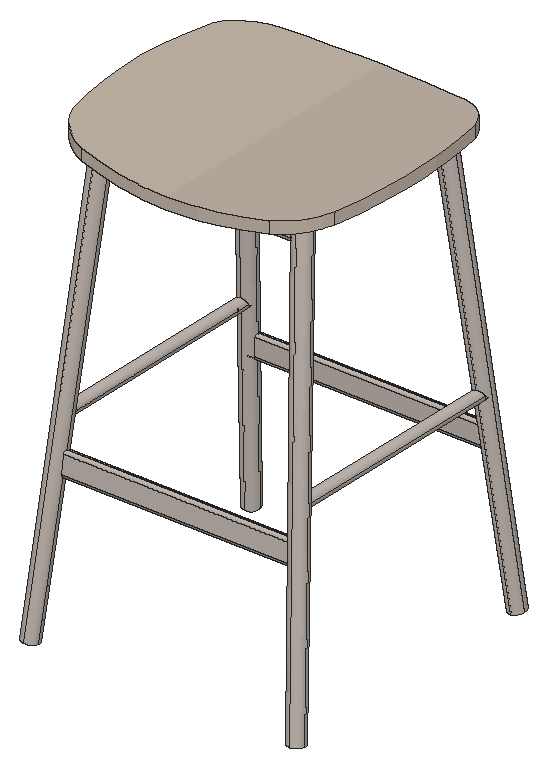
Revit family "FU_Stool_Sandler_Viki 4-16", category Furniture, Revit 2020
Family settings
  OmniClass Number = 23.40.20.00
  OmniClass Title = General Furniture and Specialties
  Work Plane-Based = No
  Always vertical = Yes
  Cut with Voids When Loaded = No
  Shared = No
  Room Calculation Point = No
Parameters (values of type "Viki 4.16")
  Width = 490 mm
  URL = "https://www.sandlerseating.com/product/viki-4-16/"
  Seat [instance] = Fabric - Gravity - Wheat CPC21
  Model = "Viki 4.16"
  Manufacturer = "Sandler"
  Height = 770 mm
  Frame [instance] = Wood - Lacquer - Beige NCS 3005-Y50R
  Description = "Counter stool with upholstered seat on a solid beech frame with stretchers. Produced to custom height per customer specification, from 23.5”-29” seat height"
  Depth = 500 mm
  Default Elevation = 0 mm
Reference planes
  plane 1 "Center (Front/Back)": y = 0
  plane 2: z = 0
  plane 3 "Center (Left/Right)": x = 0
  plane 4 "Right": x = -245
  plane 5 "Left": x = 245
  plane 6 "Back": y = 250
  plane 7 "Front": y = -250
  plane 8 "Height": z = 770
  plane 9 "Seat height": z = 750
  plane 10 "Front Legs RIGHT": through (4267.2, -234.41, 5) normal (0, -0.9937, 0.1121)
  plane 11 "Back Legs RIGHT": through (4267.2, 234.377, 5.537) normal (0, -0.9937, -0.1121)
  plane 12 "Cross Stretch RIGHT": z = 339.982
  plane 13 "Top Stretch RIGHT": z = 717.341
  plane 14 "Front Stretch RIGHT": z = 269.66
  plane 15 "Right Leg RIGHT": through (-226.609, -1524, 3.167) normal (-0.9972, 0, 0.0742)
Forms (mm)
  SweptBlend 1, solid, material "Wood - Lacquer - Beige NCS 3005-Y50R" <- "Frame"
    path origin (0, -232.021, 26.176) x (0, -0.112106, -0.993696) y (1, 0, 0)
      loop
        line (26.325, -226.713) -> (-721.583, -170.738)
    profile "Pro_Circles : 28mm" origin (-226.713, -234.972, 0.017) x (-0.997211, 0.008367, 0.074163) y (0, -0.993696, 0.112106)
      loop
        arc (-13.967, 0.067) -> (-9.943, -9.849) -> (-0.067, -13.967) r 13.901
        arc (-0.067, -13.967) -> (9.896, -9.896) -> (13.967, 0.067) r 13.901
        arc (13.967, 0.067) -> (9.849, 9.943) -> (-0.067, 13.967) r 13.9
        arc (-0.067, 13.967) -> (-9.895, 9.895) -> (-13.967, 0.067) r 13.9
    end profile "Pro_Circles : 32mm" origin (-170.738, -151.127, 743.211) x (-0.997211, 0.008367, 0.074163) y (0, -0.993696, 0.112106)
      loop
        arc (-15.967, 0.067) -> (-11.357, -11.263) -> (-0.067, -15.967) r 15.901
        arc (-0.067, -15.967) -> (11.311, -11.31) -> (15.967, 0.067) r 15.901
        arc (15.967, 0.067) -> (11.263, 11.357) -> (-0.067, 15.967) r 15.9
        arc (-0.067, 15.967) -> (-11.31, 11.31) -> (-15.967, 0.067) r 15.9
  SweptBlend 2, solid, material "Wood - Lacquer - Beige NCS 3005-Y50R" <- "Frame"
    path origin (0, -232.021, 26.176) x (0, -0.112106, -0.993696) y (-1, 0, 0)
      loop
        line (26.325, -226.713) -> (-721.583, -170.738)
    profile "Pro_Circles : 28mm" origin (226.713, -234.972, 0.017) x (-0.997211, -0.008367, -0.074163) y (0, -0.993696, 0.112106)
      loop
        arc (13.967, 0.067) -> (9.895, 9.895) -> (0.067, 13.967) r 13.9
        arc (0.067, 13.967) -> (-9.849, 9.943) -> (-13.967, 0.067) r 13.9
        arc (-13.967, 0.067) -> (-9.896, -9.896) -> (0.067, -13.967) r 13.901
        arc (0.067, -13.967) -> (9.943, -9.849) -> (13.967, 0.067) r 13.901
    end profile "Pro_Circles : 32mm" origin (170.738, -151.127, 743.211) x (-0.997211, -0.008367, -0.074163) y (0, -0.993696, 0.112106)
      loop
        arc (15.967, 0.067) -> (11.31, 11.31) -> (0.067, 15.967) r 15.9
        arc (0.067, 15.967) -> (-11.263, 11.357) -> (-15.967, 0.067) r 15.9
        arc (-15.967, 0.067) -> (-11.311, -11.31) -> (0.067, -15.967) r 15.901
        arc (0.067, -15.967) -> (11.357, -11.263) -> (15.967, 0.067) r 15.901
  SweptBlend 3, solid, material "Wood - Lacquer - Beige NCS 3005-Y50R" <- "Frame"
    path origin (0, 232.021, 26.176) x (0, 0.112106, -0.993696) y (-1, 0, 0)
      loop
        line (26.325, 226.713) -> (-721.583, 170.738)
    profile "Pro_Circles : 28mm" origin (-226.713, 234.972, 0.017) x (0.997211, 0.008367, -0.074163) y (0, 0.993696, 0.112106)
      loop
        arc (13.967, 0.067) -> (9.895, 9.895) -> (0.067, 13.967) r 13.9
        arc (0.067, 13.967) -> (-9.849, 9.943) -> (-13.967, 0.067) r 13.9
        arc (-13.967, 0.067) -> (-9.896, -9.896) -> (0.067, -13.967) r 13.901
        arc (0.067, -13.967) -> (9.943, -9.849) -> (13.967, 0.067) r 13.901
    end profile "Pro_Circles : 32mm" origin (-170.738, 151.127, 743.211) x (0.997211, 0.008367, -0.074163) y (0, 0.993696, 0.112106)
      loop
        arc (15.967, 0.067) -> (11.31, 11.31) -> (0.067, 15.967) r 15.9
        arc (0.067, 15.967) -> (-11.263, 11.357) -> (-15.967, 0.067) r 15.9
        arc (-15.967, 0.067) -> (-11.311, -11.31) -> (0.067, -15.967) r 15.901
        arc (0.067, -15.967) -> (11.357, -11.263) -> (15.967, 0.067) r 15.901
  SweptBlend 4, solid, material "Wood - Lacquer - Beige NCS 3005-Y50R" <- "Frame"
    path origin (0, 232.021, 26.176) x (0, 0.112106, -0.993696) y (-1, 0, 0)
      loop
        line (26.325, -226.713) -> (-721.583, -170.738)
    profile "Pro_Circles : 28mm" origin (226.713, 234.972, 0.017) x (0.997211, -0.008367, 0.074163) y (0, 0.993696, 0.112106)
      loop
        arc (-13.967, 0.067) -> (-9.943, -9.849) -> (-0.067, -13.967) r 13.901
        arc (-0.067, -13.967) -> (9.896, -9.896) -> (13.967, 0.067) r 13.901
        arc (13.967, 0.067) -> (9.849, 9.943) -> (-0.067, 13.967) r 13.9
        arc (-0.067, 13.967) -> (-9.895, 9.895) -> (-13.967, 0.067) r 13.9
    end profile "Pro_Circles : 32mm" origin (170.738, 151.127, 743.211) x (0.997211, -0.008367, 0.074163) y (0, 0.993696, 0.112106)
      loop
        arc (-15.967, 0.067) -> (-11.357, -11.263) -> (-0.067, -15.967) r 15.901
        arc (-0.067, -15.967) -> (11.311, -11.31) -> (15.967, 0.067) r 15.901
        arc (15.967, 0.067) -> (11.263, 11.357) -> (-0.067, 15.967) r 15.9
        arc (-0.067, 15.967) -> (-11.31, 11.31) -> (-15.967, 0.067) r 15.9
  Sweep 5, solid, material "Wood - Lacquer - Beige NCS 3005-Y50R" <- "Frame"
    path origin (0, -232.021, 26.176) x (0, -0.112106, -0.993696) y (1, 0, 0)
      loop
        line (-246.431, -206.233) -> (-246.431, 206.233)
    profile origin (0, -204.395, 271.053) x (0, 0.112106, 0.993696) y (0, -0.993696, 0.112106)
      loop
        arc (-17.326, 5.093) -> (-20.818, 3.399) -> (-22.046, -0.283) r 5
        line (-22.046, -0.283) -> (-21.891, -2.309)
        arc (-21.891, -2.309) -> (-20.205, -5.683) -> (-16.641, -6.92) r 5
        line (-16.641, -6.92) -> (14.601, -5.263)
        arc (14.601, -5.263) -> (18.104, -3.557) -> (19.319, 0.145) r 5
        line (19.319, 0.145) -> (19.151, 2.17)
        arc (19.151, 2.17) -> (17.455, 5.524) -> (13.903, 6.749) r 5
        line (13.903, 6.749) -> (-17.326, 5.093)
  Sweep 6, solid, material "Wood - Lacquer - Beige NCS 3005-Y50R" <- "Frame"
    path origin (0, 232.021, 26.176) x (0, 0.112106, -0.993696) y (-1, 0, 0)
      loop
        line (-246.431, 206.233) -> (-246.431, -206.233)
    profile origin (0, 204.395, 271.053) x (0, 0.112106, -0.993696) y (0, 0.993696, 0.112106)
      loop
        line (17.326, 5.093) -> (-13.903, 6.749)
        arc (-13.903, 6.749) -> (-17.455, 5.524) -> (-19.151, 2.17) r 5
        line (-19.151, 2.17) -> (-19.319, 0.145)
        arc (-19.319, 0.145) -> (-18.104, -3.557) -> (-14.601, -5.263) r 5
        line (-14.601, -5.263) -> (16.641, -6.92)
        arc (16.641, -6.92) -> (20.205, -5.683) -> (21.891, -2.309) r 5
        line (21.891, -2.309) -> (22.046, -0.283)
        arc (22.046, -0.283) -> (20.818, 3.399) -> (17.326, 5.093) r 5
  Extrusion 7, solid, material "Wood - Lacquer - Beige NCS 3005-Y50R" <- "Frame"
    sketch origin (0, 0, 0) x (1, 0, 0) y (0, 0, 1)
      loop
        circle (-201.56, 339.982) r 10
    from -196.541 to 196.025
  Extrusion 8, solid, material "Wood - Lacquer - Beige NCS 3005-Y50R" <- "Frame"
    sketch origin (0, 0, 0) x (-1, 0, 0) y (0, 0, -1)
      loop
        circle (-201.56, -339.982) r 10
    from -196.541 to 196.025
  Sweep 9, solid, material "Wood - Lacquer - Beige NCS 3005-Y50R" <- "Frame"
    path origin (0, 0, 717.341) x (0, -1, 0) y (1, 0, 0)
      loop
        line (-155.682, -175) -> (-155.682, 175)
    profile "Pro_Circles : 15mm" origin (0, 155.682, 717.341) x (0, 1, 0) y (0, 0, 1)
      loop
        arc (-7.467, 0.067) -> (-5.347, -5.252) -> (-0.067, -7.467) r 7.401
        arc (-0.067, -7.467) -> (5.3, -5.301) -> (7.467, 0.067) r 7.402
        arc (7.467, 0.067) -> (5.252, 5.347) -> (-0.067, 7.467) r 7.401
        arc (-0.067, 7.467) -> (-5.299, 5.299) -> (-7.467, 0.067) r 7.4
  Sweep 10, solid, material "Wood - Lacquer - Beige NCS 3005-Y50R" <- "Frame"
    path origin (0, 0, 717.341) x (0, 1, 0) y (1, 0, 0)
      loop
        line (-155.682, -175) -> (-155.682, 175)
    profile "Pro_Circles : 15mm" origin (0, -155.682, 717.341) x (0, 1, 0) y (0, 0, 1)
      loop
        arc (7.467, 0.067) -> (5.299, 5.299) -> (0.067, 7.467) r 7.4
        arc (0.067, 7.467) -> (-5.252, 5.347) -> (-7.467, 0.067) r 7.401
        arc (-7.467, 0.067) -> (-5.3, -5.301) -> (0.067, -7.467) r 7.402
        arc (0.067, -7.467) -> (5.347, -5.252) -> (7.467, 0.067) r 7.401
  Sweep 11, solid, material "Wood - Lacquer - Beige NCS 3005-Y50R" <- "Frame"
    path origin (0, 0, 717.341) x (0, -1, 0) y (1, 0, 0)
      loop
        line (155.615, 129.567) -> (-155.615, 129.567)
    profile "Pro_Circles : 15mm" origin (129.567, 0, 717.341) x (-1, 0, 0) y (0, 0, 1)
      loop
        arc (-7.467, 0.067) -> (-5.347, -5.252) -> (-0.067, -7.467) r 7.401
        arc (-0.067, -7.467) -> (5.3, -5.301) -> (7.467, 0.067) r 7.402
        arc (7.467, 0.067) -> (5.252, 5.347) -> (-0.067, 7.467) r 7.401
        arc (-0.067, 7.467) -> (-5.299, 5.299) -> (-7.467, 0.067) r 7.4
  Sweep 12, solid, material "Wood - Lacquer - Beige NCS 3005-Y50R" <- "Frame"
    path origin (0, 0, 717.341) x (0, -1, 0) y (-1, 0, 0)
      loop
        line (155.615, 129.567) -> (-155.615, 129.567)
    profile "Pro_Circles : 15mm" origin (-129.567, 0, 717.341) x (-1, 0, 0) y (0, 0, 1)
      loop
        arc (7.467, 0.067) -> (5.299, 5.299) -> (0.067, 7.467) r 7.4
        arc (0.067, 7.467) -> (-5.252, 5.347) -> (-7.467, 0.067) r 7.401
        arc (-7.467, 0.067) -> (-5.3, -5.301) -> (0.067, -7.467) r 7.402
        arc (0.067, -7.467) -> (5.347, -5.252) -> (7.467, 0.067) r 7.401
Dimensions and locks
  equal spacing: plane 4 "Right", plane 3 "Center (Left/Right)", plane 5 "Left"
  "Width": plane 4 "Right" to plane 5 "Left"
  equal spacing: plane 6 "Back", plane 1 "Center (Front/Back)", plane 7 "Front"
  "Depth": plane 6 "Back" to plane 7 "Front"
  "Height": plane 8 "Height" to level
  plane 9 "Seat height" to level = 750 mm
  aligned and locked: level to plane 2
Automatic sketch dimensions
  SweptBlend 1 sketch curve to plane 4 "Right" = 74.262 mm
  SweptBlend 1 sketch curve to plane 4 "Right" = 18.287 mm
  SweptBlend 1 sketch curve to SweptBlend 1 sketch curve = 747.908 mm
  SweptBlend 2 sketch curve to plane 5 "Left" = 74.262 mm
  SweptBlend 2 sketch curve to plane 5 "Left" = 18.287 mm
  SweptBlend 2 sketch curve to SweptBlend 2 sketch curve = 747.908 mm
  SweptBlend 3 sketch curve to plane 4 "Right" = 74.262 mm
  SweptBlend 3 sketch curve to plane 4 "Right" = 18.287 mm
  SweptBlend 3 sketch curve to SweptBlend 3 sketch curve = 747.908 mm
  plane 5 "Left" to SweptBlend 4 sketch curve = 74.262 mm
  plane 5 "Left" to SweptBlend 4 sketch curve = 18.287 mm
  SweptBlend 4 sketch curve to SweptBlend 4 sketch curve = 747.908 mm
  plane 5 "Left" to Sweep 5 sketch curve = 38.767 mm
  Sweep 5 sketch curve to plane 4 "Right" = 38.767 mm
  Sweep 5 sketch curve to plane 10 "Front Legs RIGHT" = 0.283 mm
  profile plane to Sweep 5 sketch curve = 22.046 mm
  Sweep 5 sketch curve to plane 10 "Front Legs RIGHT" = 2.309 mm
  Sweep 5 sketch curve to Sweep 5 sketch curve = 0.155 mm  (x2)
  plane 10 "Front Legs RIGHT" to Sweep 5 sketch curve = 5.093 mm
  Sweep 5 sketch curve to Sweep 5 sketch curve = 4.721 mm
  plane 10 "Front Legs RIGHT" to Sweep 5 sketch curve = 0.1 mm
  Sweep 5 sketch curve to plane 10 "Front Legs RIGHT" = 6.92 mm
  Sweep 5 sketch curve to Sweep 5 sketch curve = 0.265 mm  (x3)
  plane 10 "Front Legs RIGHT" to Sweep 5 sketch curve = 6.749 mm
  Sweep 5 sketch curve to profile plane = 13.903 mm
  plane 10 "Front Legs RIGHT" to Sweep 5 sketch curve = 1.756 mm
  Sweep 5 sketch curve to plane 10 "Front Legs RIGHT" = 0.27 mm
  Sweep 5 sketch curve to Sweep 5 sketch curve = 0.168 mm
  Sweep 5 sketch curve to plane 10 "Front Legs RIGHT" = 5.263 mm
  plane 10 "Front Legs RIGHT" to Sweep 5 sketch curve = 2.17 mm
  plane 10 "Front Legs RIGHT" to Sweep 5 sketch curve = 0.145 mm
  plane 5 "Left" to Sweep 6 sketch curve = 38.767 mm
  Sweep 6 sketch curve to plane 4 "Right" = 38.767 mm
  profile plane to Sweep 6 sketch curve = 0.145 mm
  profile plane to Sweep 6 sketch curve = 19.319 mm
  profile plane to Sweep 6 sketch curve = 2.17 mm
  Sweep 6 sketch curve to Sweep 6 sketch curve = 0.168 mm  (x2)
  Sweep 6 sketch curve to profile plane = 5.263 mm
  Sweep 6 sketch curve to Sweep 6 sketch curve = 4.718 mm
  Sweep 6 sketch curve to profile plane = 0.27 mm
  Sweep 6 sketch curve to Sweep 6 sketch curve = 0.265 mm  (x3)
  Sweep 6 sketch curve to profile plane = 6.92 mm
  Sweep 6 sketch curve to profile plane = 16.641 mm
  Sweep 6 sketch curve to profile plane = 1.927 mm
  profile plane to Sweep 6 sketch curve = 0.1 mm
  Sweep 6 sketch curve to Sweep 6 sketch curve = 0.155 mm
  profile plane to Sweep 6 sketch curve = 5.093 mm
  Sweep 6 sketch curve to profile plane = 2.309 mm
  Sweep 6 sketch curve to profile plane = 0.283 mm
  profile plane to Sweep 6 sketch curve = 1.756 mm
  Extrusion 7 sketch curve to plane 12 "Cross Stretch RIGHT" = 0 mm
  plane 15 "Right Leg RIGHT" to Extrusion 7 sketch curve = 0 mm
  Extrusion 8 sketch curve to plane 12 "Cross Stretch RIGHT" = 0 mm
  Extrusion 8 sketch curve to plane 5 "Left" = 43.44 mm
  Sweep 9 sketch curve to plane 6 "Back" = 94.318 mm
  Sweep 9 sketch curve to plane 4 "Right" = 70 mm
  plane 5 "Left" to Sweep 9 sketch curve = 70 mm
  Sweep 10 sketch curve to plane 7 "Front" = 94.318 mm
  plane 4 "Right" to Sweep 10 sketch curve = 70 mm
  Sweep 10 sketch curve to plane 5 "Left" = 70 mm
  Sweep 11 sketch curve to plane 6 "Back" = 94.385 mm
  plane 5 "Left" to Sweep 11 sketch curve = 115.433 mm
  plane 7 "Front" to Sweep 11 sketch curve = 94.385 mm
  plane 6 "Back" to Sweep 12 sketch curve = 94.385 mm
  plane 4 "Right" to Sweep 12 sketch curve = 115.433 mm
  Sweep 12 sketch curve to plane 7 "Front" = 94.385 mm
  radius of Extrusion 7 sketch curve = 10 mm
  radius of Extrusion 8 sketch curve = 10 mm
Nested families
  nested 1: "Viki Stool Seat_01" at (0, 0, 288), Seat <- "Seat", type "Type 2"
    with Seat Fabric - Gravity - Wheat CPC21
Definition of nested family "Viki Stool Seat_01"
  Parameters (values of type "Type 2")
    Width = 480 mm
    URL = ""
    Model = ""
    Manufacturer = ""
    Height = 480 mm
    Seat [instance] = none
    Description = ""
    Depth = 460 mm
    Default Elevation = 0 mm
  Reference planes
    plane 1 "Center (Front/Back)": y = 0
    plane 2: z = 0
    plane 3 "Center (Left/Right)": x = 0
    plane 4 "Right": x = -240
    plane 5 "Left": x = 240
    plane 6 "Back": y = 230
    plane 7 "Front": y = -230
    plane 8 "Height": z = 480
    plane 9 "Seat height": z = 446.985
  Forms (mm)
    Sweep 1, solid, material <- "Seat"
      path origin (0, 0, 446.985) x (-1, 0, 0) y (0, -1, 0)
        loop
          line (0, 250) -> (0, -250)
      profile origin (0, 0, 446.985) x (-1, 0, 0) y (0, 0, 1)
        loop
          line (263.434, 27.782) -> (263.434, 47.765)
          arc (263.434, 47.765) -> (0, 20.077) -> (-263.434, 47.765) r 1267.049
          line (-263.434, 47.765) -> (-263.434, 27.782)
          arc (-263.434, 27.782) -> (0, 0) -> (263.434, 27.782) r 1262.876
    Extrusion 2, void
      sketch origin (0, 0, 446.985) x (-1, 0, 0) y (0, -1, 0)
        loop
          arc (223.586, -149) -> (240, 0) -> (223.586, 149) r 684.495
          arc (223.586, 149) -> (198.632, 187.198) -> (159, 209.806) r 97.22
          arc (159, 209.806) -> (0, 230) -> (-159, 209.806) r 636.036
          arc (-159, 209.806) -> (-198.632, 187.198) -> (-223.586, 149) r 97.22
          arc (-223.586, 149) -> (-240, 0) -> (-223.586, -149) r 684.495
          arc (-223.586, -149) -> (-198.632, -187.198) -> (-159, -209.806) r 97.22
          arc (-159, -209.806) -> (0, -230) -> (159, -209.806) r 636.036
          arc (159, -209.806) -> (198.632, -187.198) -> (223.586, -149) r 97.22
        loop
          line (-270, 260) -> (-270, -260) -> (270, -260) -> (270, 260) -> (-270, 260)
      from -5 to 59.424
    Sweep 3, solid
      path origin (0, 0, 446.985) x (-1, 0, 0) y (0, -1, 0)
        loop
          line (0, 207.5) -> (0, -207.5)
      profile origin (0, 0, 446.985) x (-1, 0, 0) y (0, 0, 1)
        loop
          arc (200, 17.031) -> (0, 1.094) -> (-200, 17.031) r 1262.876
          line (-200, 17.031) -> (-200, 12.34)
          arc (-200, 12.34) -> (0, -3.597) -> (200, 12.34) r 1262.876
          line (200, 12.34) -> (200, 17.031)
    Extrusion 4, void
      sketch origin (0, 0, 446.985) x (-1, 0, 0) y (0, -1, 0)
        loop
          line (-148.12, 140.167) -> (-148.12, -125.435) -> (148.12, -125.435) -> (148.12, 140.167) -> (-148.12, 140.167)
        loop
          arc (185.414, -151.405) -> (197.276, 4.81) -> (185.414, 161.024) r 1034.523
          arc (185.414, 161.024) -> (179.314, 173.939) -> (167.138, 181.406) r 25
          arc (167.138, 181.406) -> (0, 203.294) -> (-167.138, 181.406) r 649.072
          arc (-167.138, 181.406) -> (-179.314, 173.939) -> (-185.414, 161.024) r 25
          arc (-185.414, 161.024) -> (-197.276, 4.81) -> (-185.414, -151.405) r 1034.523
          arc (-185.414, -151.405) -> (-179.314, -164.319) -> (-167.138, -171.786) r 25
          arc (-167.138, -171.786) -> (0, -193.675) -> (167.138, -171.786) r 649.072
          arc (167.138, -171.786) -> (179.314, -164.319) -> (185.414, -151.405) r 25
        loop
          line (-206.88, 214.565) -> (-206.88, -215) -> (205, -215) -> (205, 214.565) -> (-206.88, 214.565)
      from -6.36 to 21.864
  Cuts and joins
    Extrusion 2 cuts Sweep 1
    Extrusion 4 cuts Sweep 3
  Dimensions and locks
    equal spacing: plane 4 "Right", plane 3 "Center (Left/Right)", plane 5 "Left"
    "Width": plane 4 "Right" to plane 5 "Left"
    equal spacing: plane 6 "Back", plane 1 "Center (Front/Back)", plane 7 "Front"
    "Depth": plane 6 "Back" to plane 7 "Front"
    "Height": plane 8 "Height" to level
    plane 9 "Seat height" to level = 446.985 mm
    aligned and locked: level to plane 2
  Automatic sketch dimensions
    Sweep 1 sketch curve to plane 3 "Center (Left/Right)" = 0 mm
    plane 6 "Back" to Sweep 1 sketch curve = 20 mm
    Sweep 1 sketch curve to plane 7 "Front" = 20 mm
    Sweep 1 sketch curve to profile plane = 0 mm  (x2)
    plane 9 "Seat height" to Sweep 1 sketch curve = 47.765 mm  (x2)
    profile plane to Sweep 1 sketch curve = 263.434 mm
    Sweep 1 sketch curve to Sweep 1 sketch curve = 19.984 mm
    Sweep 1 sketch curve to Sweep 1 sketch curve = 1215.111 mm
    Sweep 1 sketch curve to Sweep 1 sketch curve = 24.251 mm
    plane 1 "Center (Front/Back)" to Extrusion 2 sketch curve = 0 mm  (x2)
    Extrusion 2 sketch curve to plane 3 "Center (Left/Right)" = 0 mm  (x2)
    plane 5 "Left" to Extrusion 2 sketch curve = 108.01 mm  (x2)
    Extrusion 2 sketch curve to plane 5 "Left" = 30 mm
    Extrusion 2 sketch curve to plane 5 "Left" = 204.495 mm
    Extrusion 2 sketch curve to plane 4 "Right" = 108.01 mm  (x2)
    plane 4 "Right" to Extrusion 2 sketch curve = 30 mm
    plane 4 "Right" to Extrusion 2 sketch curve = 204.495 mm
    Extrusion 2 sketch curve to plane 6 "Back" = 113.587 mm  (x2)
    plane 6 "Back" to Extrusion 2 sketch curve = 30 mm
    plane 6 "Back" to Extrusion 2 sketch curve = 176.036 mm
    plane 7 "Front" to Extrusion 2 sketch curve = 113.587 mm
    plane 1 "Center (Front/Back)" to Extrusion 2 sketch curve = 116.413 mm
    Extrusion 2 sketch curve to plane 7 "Front" = 30 mm
    Extrusion 2 sketch curve to plane 7 "Front" = 176.036 mm
    Extrusion 2 sketch curve to plane 6 "Back" = 20.194 mm  (x2)
    plane 5 "Left" to Extrusion 2 sketch curve = 81 mm
    plane 7 "Front" to Extrusion 2 sketch curve = 20.194 mm  (x2)
    Extrusion 2 sketch curve to Extrusion 2 sketch curve = 27.01 mm
    plane 5 "Left" to Extrusion 2 sketch curve = 16.414 mm
    Extrusion 2 sketch curve to plane 4 "Right" = 16.414 mm
    Sweep 3 sketch curve to plane 3 "Center (Left/Right)" = 0 mm
    Sweep 3 sketch curve to plane 6 "Back" = 22.5 mm
    plane 7 "Front" to Sweep 3 sketch curve = 22.5 mm
    Sweep 3 sketch curve to profile plane = 0 mm  (x2)
    plane 9 "Seat height" to Sweep 3 sketch curve = 17.031 mm  (x2)
    profile plane to Sweep 3 sketch curve = 200 mm
    Sweep 3 sketch curve to Sweep 3 sketch curve = 4.691 mm  (x2)
    Sweep 3 sketch curve to Sweep 3 sketch curve = 1242.248 mm
    Extrusion 4 sketch curve to plane 3 "Center (Left/Right)" = 0 mm  (x2)
    plane 5 "Left" to Extrusion 4 sketch curve = 91.88 mm
    Extrusion 4 sketch curve to Extrusion 4 sketch curve = 12.581 mm  (x4)
    Extrusion 4 sketch curve to plane 6 "Back" = 15 mm
    plane 5 "Left" to Extrusion 4 sketch curve = 33.12 mm
    plane 1 "Center (Front/Back)" to Extrusion 4 sketch curve = 4.81 mm  (x2)
    Extrusion 4 sketch curve to plane 5 "Left" = 597.247 mm
    plane 7 "Front" to Extrusion 4 sketch curve = 15.435 mm
    Extrusion 4 sketch curve to plane 4 "Right" = 35 mm
    plane 6 "Back" to Extrusion 4 sketch curve = 215.778 mm
    Extrusion 4 sketch curve to Extrusion 4 sketch curve = 67.37 mm  (x2)
    Extrusion 4 sketch curve to Extrusion 4 sketch curve = 22.194 mm
    plane 7 "Front" to Extrusion 4 sketch curve = 89.833 mm
    Extrusion 4 sketch curve to Extrusion 4 sketch curve = 17.082 mm  (x2)
    Extrusion 4 sketch curve to Extrusion 4 sketch curve = 6.438 mm  (x3)
    Extrusion 4 sketch curve to Extrusion 4 sketch curve = 0 mm  (x7)
    Extrusion 4 sketch curve to Extrusion 4 sketch curve = 24.713 mm
